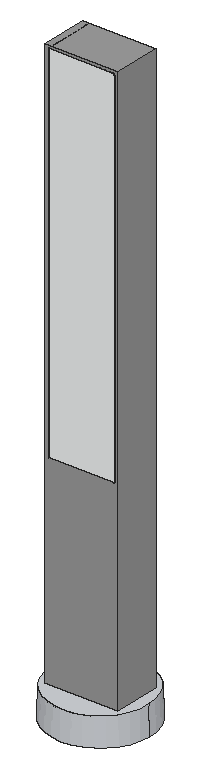
Revit family "99326_HOST_FACE", category Lighting Fixtures, host Face, Revit 2019
Family settings
  Host = Face
  Round Connector Dimension = Use Diameter
  Part Type = Normal
  Cut with Voids When Loaded = Yes
  Light Source = Yes
  Shared = No
  Room Calculation Point = No
Parameters (values of type "Bollards")
  Wattage = 5.05581 W
  built-in parameter 1150110 = 1 (stored number, unit not read)
  URL = "www.bega-us.com"
  built-in parameter 1114217 = 1 (stored number, unit not read)
  Tilt Angle = 0.00°
  built-in parameter 1150109 = 1 (stored number, unit not read)
  built-in parameter 1150134 = (empty or 0)
  Telephone = "805.684.0533"
  built-in parameter 1150113 = 1 (stored number, unit not read)
  Photometric Web File = "99326.ies"
  Model = "33 508"
  Manufacturer = "BEGA-US"
  built-in parameter 1150105 = 59.763 (stored number, unit not read)
  Lumens = 751 lm
  built-in parameter 1150115 = 1 (stored number, unit not read)
  built-in parameter 1150137 = (empty or 0)
  built-in parameter 1150139 = (empty or 0)
  built-in parameter 1150112 = 1 (stored number, unit not read)
  built-in parameter 1150114 = 1 (stored number, unit not read)
  Lamp = "11.4W LED"
  built-in parameter 1150132 = 2
  built-in parameter 1150102 = (empty or 0)
  built-in parameter 1150107 = 3000 (stored number, unit not read)
  built-in parameter 1150138 = (empty or 0)
  built-in parameter 1150106 = 0.59763 (stored number, unit not read)
  built-in parameter 1150104 = 13.8 (stored number, unit not read)
  Dimming Lamp Color Temperature Shift = <None>
  Description = "LED ceiling and wall luminaires - impact resistant"
  Default Elevation = 0' - 0"
  Color Filter = 16777215
  built-in parameter 1114218 = 1 (stored number, unit not read)
  built-in parameter 1150133 = 10 (stored number, unit not read)
Types (27): name | Wattage | Tilt Angle | built-in parameter 1150134 | Photometric Web File | Model | built-in parameter 1150105 | Lumens | Lamp | built-in parameter 1150107 | built-in parameter 1150106 | Description | Default Elevation
  (no name) | 5.05581 W | 0.00° | (empty or 0) | "99326.ies" | "33 508" | 59.763 (stored number, unit not read) | 751 lm | "11.4W LED" | 3000 (stored number, unit not read) | 0.59763 (stored number, unit not read) | "LED ceiling and wall luminaires - impact resistant" | 0' - 0"
  Wall Luminaires - Directed Light | 18.4392 W | 90.00° | (empty or 0) | "generic" | "2260LED" | 217.96 (stored number, unit not read) | 2739 lm | "44.6W LED" | 3000 (stored number, unit not read) | 2.1796 (stored number, unit not read) | "Surface wall with cutoff optics" | 6' - 0"
  Wall Luminaires - Linear | 9.92985 W | 90.00° | 9 | "generic" | "4425P" | 117.38 (stored number, unit not read) | 1475 lm | "(1) 39W CF twin-4-p" | 3450 (stored number, unit not read) | 1.1738 (stored number, unit not read) | "Suface wall - linear with white acrylic diffuser" | 6' - 0"
  Ceiling and Wall Luminaires - Unshielded | 2.66591 W | 0.00° | (empty or 0) | "33508.ies" | "33 508" | 31.513 (stored number, unit not read) | 396 lm | "W LED" | 3000 (stored number, unit not read) | 0.31513 (stored number, unit not read) | "LED ceiling and wall luminaires - impact resistant" | 0' - 0"
  Recessed Luminaires - Round | 2.66591 W | 0.00° | (empty or 0) | "33508.ies" | "33 508" | 31.513 (stored number, unit not read) | 396 lm | "W LED" | 3000 (stored number, unit not read) | 0.31513 (stored number, unit not read) | "LED ceiling and wall luminaires - impact resistant" | 0' - 0"
  Recessed Luminaires - Square | 0.0067321 W | 0.00° | (empty or 0) | "88754.IES" | 0' - 0" | 0.079577 (stored number, unit not read) | 1 lm | "W LED" | 3000 (stored number, unit not read) | 0.00079577 (stored number, unit not read) | 0' - 0" | 0' - 0"
  Recessed Luminaires - Retangular | 2.66591 W | 0.00° | (empty or 0) | "33508.ies" | "33 508" | 31.513 (stored number, unit not read) | 396 lm | "W LED" | 3000 (stored number, unit not read) | 0.31513 (stored number, unit not read) | "LED ceiling and wall luminaires - impact resistant" | 0' - 0"
  Recessed Luminaires - Elongated | 2.66591 W | 0.00° | (empty or 0) | "33508.ies" | "33 508" | 31.513 (stored number, unit not read) | 396 lm | "W LED" | 3000 (stored number, unit not read) | 0.31513 (stored number, unit not read) | "LED ceiling and wall luminaires - impact resistant" | 0' - 0"
  Recessed Ceiling Luminaires - Downlights | 2.66591 W | 0.00° | (empty or 0) | "33508.ies" | "33 508" | 31.513 (stored number, unit not read) | 396 lm | "W LED" | 3000 (stored number, unit not read) | 0.31513 (stored number, unit not read) | "LED ceiling and wall luminaires - impact resistant" | 0' - 0"
  Recessed Ceiling Luminaires - Asymmetric | 2.66591 W | 0.00° | (empty or 0) | "33508.ies" | "33 508" | 31.513 (stored number, unit not read) | 396 lm | "W LED" | 3000 (stored number, unit not read) | 0.31513 (stored number, unit not read) | "LED ceiling and wall luminaires - impact resistant" | 0' - 0"
  Pendant and Cable Suspended Luminaires - Shielded | 2.66591 W | 0.00° | (empty or 0) | "33508.ies" | "33 508" | 31.513 (stored number, unit not read) | 396 lm | "W LED" | 3000 (stored number, unit not read) | 0.31513 (stored number, unit not read) | "LED ceiling and wall luminaires - impact resistant" | 0' - 0"
  Pendant and Cable Suspended Luminaires - Directed | 2.66591 W | 0.00° | (empty or 0) | "33508.ies" | "33 508" | 31.513 (stored number, unit not read) | 396 lm | "W LED" | 3000 (stored number, unit not read) | 0.31513 (stored number, unit not read) | "LED ceiling and wall luminaires - impact resistant" | 0' - 0"
  Ceiling Luminaires - Downlights | 2.66591 W | 0.00° | (empty or 0) | "33508.ies" | "33 508" | 31.513 (stored number, unit not read) | 396 lm | "W LED" | 3000 (stored number, unit not read) | 0.31513 (stored number, unit not read) | "LED ceiling and wall luminaires - impact resistant" | 0' - 0"
  Ceiling Luminaires - Asymmetric | 2.66591 W | 0.00° | (empty or 0) | "33508.ies" | "33 508" | 31.513 (stored number, unit not read) | 396 lm | "W LED" | 3000 (stored number, unit not read) | 0.31513 (stored number, unit not read) | "LED ceiling and wall luminaires - impact resistant" | 0' - 0"
  Ceiling and Wall Luminaires - Stainless Steel | 2.66591 W | 0.00° | (empty or 0) | "33508.ies" | "33 508" | 31.513 (stored number, unit not read) | 396 lm | "W LED" | 3000 (stored number, unit not read) | 0.31513 (stored number, unit not read) | "LED ceiling and wall luminaires - impact resistant" | 0' - 0"
  Wall Luminaires - Stainless Steel | 2.66591 W | 0.00° | (empty or 0) | "33508.ies" | "33 508" | 31.513 (stored number, unit not read) | 396 lm | "W LED" | 3000 (stored number, unit not read) | 0.31513 (stored number, unit not read) | "LED ceiling and wall luminaires - impact resistant" | 0' - 0"
  Wall Luminaires - Unshielded Light | 2.66591 W | 0.00° | (empty or 0) | "33508.ies" | "33 508" | 31.513 (stored number, unit not read) | 396 lm | "W LED" | 3000 (stored number, unit not read) | 0.31513 (stored number, unit not read) | "LED ceiling and wall luminaires - impact resistant" | 0' - 0"
  Wall Luminaires - Shielded Light | 2.66591 W | 0.00° | (empty or 0) | "33508.ies" | "33 508" | 31.513 (stored number, unit not read) | 396 lm | "W LED" | 3000 (stored number, unit not read) | 0.31513 (stored number, unit not read) | "LED ceiling and wall luminaires - impact resistant" | 0' - 0"
  On-Ground Luminaires | 2.66591 W | 0.00° | (empty or 0) | "33508.ies" | "33 508" | 31.513 (stored number, unit not read) | 396 lm | "W LED" | 3000 (stored number, unit not read) | 0.31513 (stored number, unit not read) | "LED ceiling and wall luminaires - impact resistant" | 0' - 0"
  Light Design Elements | 2.66591 W | 0.00° | (empty or 0) | "33508.ies" | "33 508" | 31.513 (stored number, unit not read) | 396 lm | "W LED" | 3000 (stored number, unit not read) | 0.31513 (stored number, unit not read) | "LED ceiling and wall luminaires - impact resistant" | 0' - 0"
  LED System Bollard | 2.66591 W | 0.00° | (empty or 0) | "33508.ies" | "33 508" | 31.513 (stored number, unit not read) | 396 lm | "W LED" | 3000 (stored number, unit not read) | 0.31513 (stored number, unit not read) | "LED ceiling and wall luminaires - impact resistant" | 0' - 0"
  Bollards | 5.05581 W | 0.00° | (empty or 0) | "99326.ies" | "33 508" | 59.763 (stored number, unit not read) | 751 lm | "11.4W LED" | 3000 (stored number, unit not read) | 0.59763 (stored number, unit not read) | "LED ceiling and wall luminaires - impact resistant" | 0' - 0"
  Bollards - Stainless Steel | 2.66591 W | 0.00° | (empty or 0) | "33508.ies" | "33 508" | 31.513 (stored number, unit not read) | 396 lm | "W LED" | 3000 (stored number, unit not read) | 0.31513 (stored number, unit not read) | "LED ceiling and wall luminaires - impact resistant" | 0' - 0"
  Light Building Elements | 2.66591 W | 0.00° | (empty or 0) | "33508.ies" | "33 508" | 31.513 (stored number, unit not read) | 396 lm | "W LED" | 3000 (stored number, unit not read) | 0.31513 (stored number, unit not read) | "LED ceiling and wall luminaires - impact resistant" | 0' - 0"
  Pole-top Luminaires - with asymmetrical light distribution | 2.66591 W | 0.00° | (empty or 0) | "33508.ies" | "33 508" | 31.513 (stored number, unit not read) | 396 lm | "W LED" | 3000 (stored number, unit not read) | 0.31513 (stored number, unit not read) | "LED ceiling and wall luminaires - impact resistant" | 0' - 0"
  Pole-top Luminaires - with symmetrical light distribution | 2.66591 W | 0.00° | (empty or 0) | "33508.ies" | "33 508" | 31.513 (stored number, unit not read) | 396 lm | "W LED" | 3000 (stored number, unit not read) | 0.31513 (stored number, unit not read) | "LED ceiling and wall luminaires - impact resistant" | 0' - 0"
  Pole-top Luminaires - with indirect light | 2.66591 W | 0.00° | (empty or 0) | "88754.IES" | "33 508" | 31.513 (stored number, unit not read) | 396 lm | "W LED" | 3000 (stored number, unit not read) | 0.31513 (stored number, unit not read) | "LED ceiling and wall luminaires - impact resistant" | 0' - 0"
Reference planes (in)
  plane 1 "Center (Front/Back)": y = 0
  plane 2: z = 0
  plane 3 "Center (Left/Right)": x = 0
Dimensions and locks (in)
  aligned and locked: plane 2 to host face
  aligned and locked: level to host face
Nested families (in)
  nested 1: "99326" at (0, 0, 0), type "99326"
Connectors (in)
  electrical at (0, 0, 0)
    settings: on host face, index 1, voltage 0 V, apparent load 0 VA, apparent load phase1 0 VA, apparent load phase2 0 VA, apparent load phase3 0 VA, power factor 1, load classification "Other", number of poles 1, system type 31, power factor state 1, is connector primary yes, connector utility no, sub classification motor no, connector description ""
Definition of nested family "99326"
  Reference planes (in)
    plane 1 "Center (Front/Back)": y = 0
    plane 2: z = 0
    plane 3 "Center (Left/Right)": x = 0
  Forms (in)
    Blend 1, solid
      base sketch origin (0, 0, 0) x (1, 0, 0) y (0, 1, 0)
        loop
          circle (0, 0) r 3.1875
      top sketch origin (0, 0, 0) x (1, 0, 0) y (0, 1, 0)
        loop
          circle (0, 0) r 3.25
      from 1.875 to 0
    Extrusion 2, solid
      sketch origin (0, 0, 0) x (1, 0, 0) y (0, 0, 1)
        loop
          line (2.375, 1.875) -> (2.375, 39.25) -> (-2.375, 39.25) -> (-2.375, 1.875) -> (2.375, 1.875)
        loop
          line (-2.125, 39.01484) -> (-2.125, 15.15548)
          arc (-2.125, 15.15548) -> (-2.11607, 15.13393) -> (-2.09452, 15.125) r 0.03048
          line (-2.09452, 15.125) -> (2.11798, 15.125)
          arc (2.11798, 15.125) -> (2.15842, 15.14175) -> (2.17517, 15.18219) r 0.05719
          line (2.17517, 15.18219) -> (2.17517, 39.01074)
          arc (2.17517, 39.01074) -> (2.1417, 39.09154) -> (2.0609, 39.12501) r 0.11427
          line (2.0609, 39.12501) -> (-2.01483, 39.12501)
          arc (-2.01483, 39.12501) -> (-2.09273, 39.09274) -> (-2.125, 39.01484) r 0.11017
      from -1.5625 to 1.5625
    Extrusion 3, solid
      sketch origin (0, 0, 0) x (1, 0, 0) y (0, 0, 1)
        loop
          arc (2.17517, 39.01074) -> (2.1417, 39.09154) -> (2.0609, 39.12501) r 0.11427
          line (2.0609, 39.12501) -> (-2.01483, 39.12501)
          arc (-2.01483, 39.12501) -> (-2.09273, 39.09274) -> (-2.125, 39.01484) r 0.11017
          line (-2.125, 39.01484) -> (-2.125, 15.15548)
          arc (-2.125, 15.15548) -> (-2.11607, 15.13393) -> (-2.09452, 15.125) r 0.03048
          line (-2.09452, 15.125) -> (2.11798, 15.125)
          arc (2.11798, 15.125) -> (2.15842, 15.14175) -> (2.17517, 15.18219) r 0.05719
          line (2.17517, 15.18219) -> (2.17517, 39.01074)
      from -1.5625 to -1
    Extrusion 4, solid
      sketch origin (0, 0, 0) x (1, 0, 0) y (0, 0, 1)
        loop
          arc (-2.01483, 39.12501) -> (-2.09273, 39.09274) -> (-2.125, 39.01484) r 0.11017
          line (-2.125, 39.01484) -> (-2.125, 15.15548)
          arc (-2.125, 15.15548) -> (-2.11607, 15.13393) -> (-2.09452, 15.125) r 0.03048
          line (-2.09452, 15.125) -> (2.11798, 15.125)
          arc (2.11798, 15.125) -> (2.15842, 15.14175) -> (2.17517, 15.18219) r 0.05719
          line (2.17517, 15.18219) -> (2.17517, 39.01074)
          arc (2.17517, 39.01074) -> (2.1417, 39.09154) -> (2.0609, 39.12501) r 0.11427
          line (2.0609, 39.12501) -> (-2.01483, 39.12501)
      from 1 to 1.5625
  Dimensions and locks (in)
    aligned and locked: plane 2 to level
